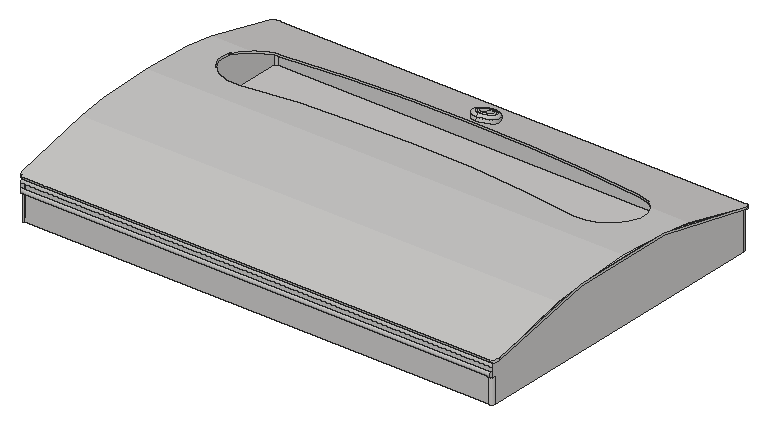
Revit family "PRD_AR_TltPprDspnsrs_STRATOSToiletSeatPaperDispenser_STR680", category Specialty Equipment, host Face, Revit 2020
Family settings
  Host = Face
  Round Connector Dimension = Use Diameter
  Part Type = Normal
  OmniClass Number = 23.40.20.21.21
  OmniClass Title = Toilet Paper Dispensers
  Cut with Voids When Loaded = No
  Shared = No
  Room Calculation Point = No
Parameters (values of type "STR680")
  WarrantyStartDate [instance] = "1900-12-31T23:59:59"
  WarrantyGuarantorParts = "n/a"
  WarrantyGuarantorLabor = "n/a"
  WarrantyDurationUnit = "year"
  WarrantyDurationParts = "n/a"
  WarrantyDurationLabor = "n/a"
  WarrantyDescription = "n/a"
  Version = "1"
  Uniclass2015Version = "Products v1.10"
  Uniclass2015Title = "Toilet paper dispensers"
  Uniclass2015Code = "Pr_40_70_22_90"
  URL = "www.kwc-professional.com"
  TypeOfOperation = "Manual operation"
  TypeOfMounting = "Wall mounting"
  TypeOfFixing = "Screw"
  TypeOfConsumable = "Toilet seat paper"
  TagNumber [instance] = "n/a"
  SustainabilityPerformance = "n/a"
  Style = "dispenser"
  Size = "393 x 263 x 54 mm"
  Shape = "n/a"
  SerialNumber [instance] = "n/a"
  Revision = "n/a"
  ReplacementCost = "n/a"
  ProductInformation = "http://pim.kwc.com/product/3600008877/attachment/datasheet?locale=en"
  NominalWidth = 393.00 mm
  NominalHeight = 263.00 mm
  NominalDepth = 54.00 mm
  NetWeight = 2.72 kg
  Name = "STRATOS Toilet seat paper dispenser STR680"
  NBSTypeID = "n/a"
  NBSReference = "45-35-72/366"
  NBSOfficeMasterTag = "n/a"
  NBSNote = "n/a"
  NBSDescription = "Toilet paper bulk dispensers"
  NBSCertification = "n/a"
  ModelReference = "STR680"
  ModelNumber = "3600008877"
  Model = ModelReference  # "STR680"
  MaterialThickness = "1.50 mm"
  MaterialCode = "1.4301"
  Material = "stainless steel"
  ManufacturerURL = "www.kwc-professional.com"
  ManufacturerName = "KWC Group Management AG"  # constant formula
  Manufacturer = ManufacturerName  # "KWC Group Management AG"
  MainColor = "stainless steel"
  Lock = "Key-lock"
  IsBuiltIn = "TRUE"
  IntegralAccessories = "incl. stainless steel screws and dowels"
  InstallationDate [instance] = "1900-12-31T23:59:59"
  IfcExportType = "USERDEFINED"
  IfcExportAs = "IfcFurnitureType"
  GrossWeight = 3.36 kg
  Grade = "n/a"
  Finish = "satin finished"
  FillingQuantityUom = "Pieces"
  FillingQuantity = "200"
  Features = "stainless steel, surface satin finished"
  ExpectedLife = "n/a"
  DurationUnit = "year"
  DispenserMaterial = PRD_AR_StainlessSteel_SatinFinished
  Description = "STRATOS toilet seat paper dispenser for wall mounting, stainless steel, surface satin finished, material thickness 1.5 mm, curved front with oval opening, cylinder lock with key, for seat paper E-STRX680, incl. mounting material."
  Default Elevation = 700.00 mm
  CreatedOn = "09/2024"  # constant formula
  Constituents = "n/a"
  Color = "n/a"
  CodePerformance = "n/a"
  Category = "Pr_40_70_22_90, Toilet paper dispensers"
  BarCode [instance] = "n/a"
  BIMObjectName = "PRD_AR_ToiletPaperDispensers_STRATOSToiletSeatPaperDispenser_STR680"
  Author = "Archispace"  # constant formula
  AssetType = "Fixed"
  AssetIdentifier [instance] = "n/a"
  AccessibilityPerformance = "n/a"
Reference planes
  plane 1 "Center (Front/Back)": y = 0
  plane 2: z = 0
  plane 3 "Center (Left/Right)": x = 0
Forms (mm)
  Revolve 1, solid, material "PRD_AR_StainlessSteel_SatinFinished" <- "DispenserMaterial", detail levels fine
    sketch origin (0, 47.623, -80.548) x (0, 0.96233, -0.271885) y (0, 0.271885, 0.96233)
      loop
        line (22.26, 137.15) -> (22.26, 132) -> (32.235, 132) -> (32.235, 134.65)
        arc (32.235, 134.65) -> (31.649, 136.064) -> (30.235, 136.65) r 2
        line (30.235, 136.65) -> (28.476, 136.65)
        arc (28.476, 136.65) -> (28.11, 137.016) -> (27.61, 137.15) r 1
        line (27.61, 137.15) -> (22.26, 137.15)
      axis (22.26, 132) -> (22.26, 137.15)
    angle from 0 to 360
  Extrusion 2, solid, material "PRD_AR_StainlessSteel_SatinFinished" <- "DispenserMaterial", detail levels fine
    sketch origin (0, 0, 0) x (0, 1, 0) y (0, 0, 1)
      loop
        line (131.5, 0) -> (131.5, 31.277)
        arc (131.5, 31.277) -> (1.456, 52.497) -> (-128.732, 32.183) r 418
        arc (-128.732, 32.183) -> (-130.735, 30.731) -> (-131.5, 28.378) r 4
        line (-131.5, 28.378) -> (-131.5, 0) -> (131.5, 0)
    from -195 to 195
  Extrusion 3, solid, material "PRD_AR_StainlessSteel_SatinFinished" <- "DispenserMaterial", detail levels fine
    sketch origin (0, 0, 0) x (0, 1, 0) y (0, 0, 1)
      loop
        line (133.027, 30.767) -> (133.505, 32.189)
        arc (133.505, 32.189) -> (0.906, 53.999) -> (-131.786, 32.762) r 419.5
        line (-131.786, 32.762) -> (-131.331, 31.333)
        arc (-131.331, 31.333) -> (0.894, 52.499) -> (133.027, 30.767) r 418
    from -197 to 197
  Sweep 4, void
    path in 3D
      loop
        line (-195, 131.5, 37.298) -> (-195, 131.5, 0)
    profile origin (-195, 131.5, 18.649) x (-1, 0, 0) y (0, -1, 0)
      loop
        line (0, 0) -> (0, 3)
        arc (0, 3) -> (-0.879, 0.879) -> (-3, 0) r 3
        line (-3, 0) -> (0, 0)
      loop
        line (-390, 0) -> (-387, 0)
        arc (-387, 0) -> (-389.121, 0.879) -> (-390, 3) r 3
        line (-390, 3) -> (-390, 0)
  Sweep 5, void
    path in 3D
      loop
        line (-195, -131.5, 0) -> (-195, -131.5, 20.5)
    profile origin (-195, -131.5, 10.25) x (0, 1, 0) y (-1, 0, 0)
      loop
        line (0, 0) -> (0, -3)
        arc (0, -3) -> (0.879, -0.879) -> (3, 0) r 3
        line (3, 0) -> (0, 0)
      loop
        line (0, -390) -> (3, -390)
        arc (3, -390) -> (0.879, -389.121) -> (0, -387) r 3
        line (0, -387) -> (0, -390)
  Extrusion 6, solid, material "PRD_AR_StainlessSteel_SatinFinished" <- "DispenserMaterial", detail levels fine
    sketch origin (0, 0, 0) x (0, 1, 0) y (0, 0, 1)
      loop
        line (-131.5, 20.71) -> (-131.5, 24.69)
        arc (-131.5, 24.69) -> (-133.3, 22.7) -> (-131.5, 20.71) r 2
    from -194 to 194
  Extrusion 7, void
    sketch origin (0, 0, 0) x (1, 0, 0) y (0, 1, 0)
      loop
        line (192, 130) -> (-192, 130)
        arc (-192, 130) -> (-193.061, 129.561) -> (-193.5, 128.5) r 1.5
        line (-193.5, 128.5) -> (-193.5, -128.5)
        arc (-193.5, -128.5) -> (-193.061, -129.561) -> (-192, -130) r 1.5
        line (-192, -130) -> (192, -130)
        arc (192, -130) -> (193.061, -129.561) -> (193.5, -128.5) r 1.5
        line (193.5, -128.5) -> (193.5, 128.5)
        arc (193.5, 128.5) -> (193.061, 129.561) -> (192, 130) r 1.5
    from 1.5 to 77.477
  Extrusion 8, void
    sketch origin (0, 132.376, 69.1) x (0, 1, 0) y (-1, 0, 0)
      loop
        arc (-110.281, 138.207) -> (-99.628, 0) -> (-110.281, -138.207) r 901.917
        arc (-110.281, -138.207) -> (-85.93, -171.52) -> (-52.6, -147.194) r 29.188
        arc (-52.6, -147.194) -> (-41.151, 0) -> (-52.6, 147.194) r 951.878
        arc (-52.6, 147.194) -> (-85.93, 171.52) -> (-110.281, 138.207) r 29.188
    from -46.2 to -4.1
  Extrusion 9, void
    sketch origin (0, 132.376, 69.1) x (0, 1, 0) y (-1, 0, 0)
      loop
        line (1.128, 197) -> (-3.872, 197)
        arc (-3.872, 197) -> (-0.336, 195.536) -> (1.128, 192) r 5
        line (1.128, 192) -> (1.128, 197)
      loop
        line (1.128, -197) -> (1.128, -192)
        arc (1.128, -192) -> (-0.336, -195.536) -> (-3.872, -197) r 5
        line (-3.872, -197) -> (1.128, -197)
      loop
        line (-264.162, 197) -> (-264.162, 192)
        arc (-264.162, 192) -> (-262.698, 195.536) -> (-259.162, 197) r 5
        line (-259.162, 197) -> (-264.162, 197)
      loop
        line (-264.162, -197) -> (-259.162, -197)
        arc (-259.162, -197) -> (-262.698, -195.536) -> (-264.162, -192) r 5
        line (-264.162, -192) -> (-264.162, -197)
    from -44.109 to -29.1
  Revolve 10, solid, material "PRD_AR_StainlessSteel_SatinFinished" <- "DispenserMaterial", detail levels medium
    sketch origin (0, 47.623, -80.548) x (0, 0.96233, -0.271885) y (0, 0.271885, 0.96233)
      loop
        line (22.26, 137.15) -> (22.26, 132) -> (32.235, 132) -> (32.235, 137.15) -> (22.26, 137.15)
      axis (22.26, 132) -> (22.26, 137.15)
    angle from 0 to 360
  Extrusion 11, solid, material "PRD_AR_StainlessSteel_SatinFinished" <- "DispenserMaterial", detail levels medium
    sketch origin (0, 0, 0) x (0, 1, 0) y (0, 0, 1)
      loop
        line (131.5, 0) -> (131.5, 31.277)
        arc (131.5, 31.277) -> (1.456, 52.497) -> (-128.732, 32.183) r 418
        arc (-128.732, 32.183) -> (-130.735, 30.731) -> (-131.5, 28.378) r 4
        line (-131.5, 28.378) -> (-131.5, 0) -> (131.5, 0)
    from -195 to 195
  Extrusion 12, solid, material "PRD_AR_StainlessSteel_SatinFinished" <- "DispenserMaterial", detail levels medium
    sketch origin (0, 0, 0) x (0, 1, 0) y (0, 0, 1)
      loop
        line (133.027, 30.767) -> (133.505, 32.189)
        arc (133.505, 32.189) -> (0.906, 53.999) -> (-131.786, 32.762) r 419.5
        line (-131.786, 32.762) -> (-131.331, 31.333)
        arc (-131.331, 31.333) -> (0.894, 52.499) -> (133.027, 30.767) r 418
    from -197 to 197
  Extrusion 13, solid, material "PRD_AR_StainlessSteel_SatinFinished" <- "DispenserMaterial", detail levels coarse
    sketch origin (0, 0, 0) x (0, 1, 0) y (0, 0, 1)
      loop
        line (131.5, 0) -> (131.5, 54) -> (-131.5, 54) -> (-131.5, 0) -> (131.5, 0)
    from -197 to 197
Cuts and joins
  Sweep 4, Sweep 5, Extrusion 7 cuts Extrusion 2
  Extrusion 8, Extrusion 9 cuts Extrusion 3
Lines and regions (mm)
  sketch lines
    curve 1: line (-195, 131.5, 37.298) -> (-195, 131.5, 0)
    curve 2: line (-195, -131.5, 0) -> (-195, -131.5, 20.5)
Dimensions and locks
  aligned and locked: plane 2 to host face
  aligned and locked: level to host face
